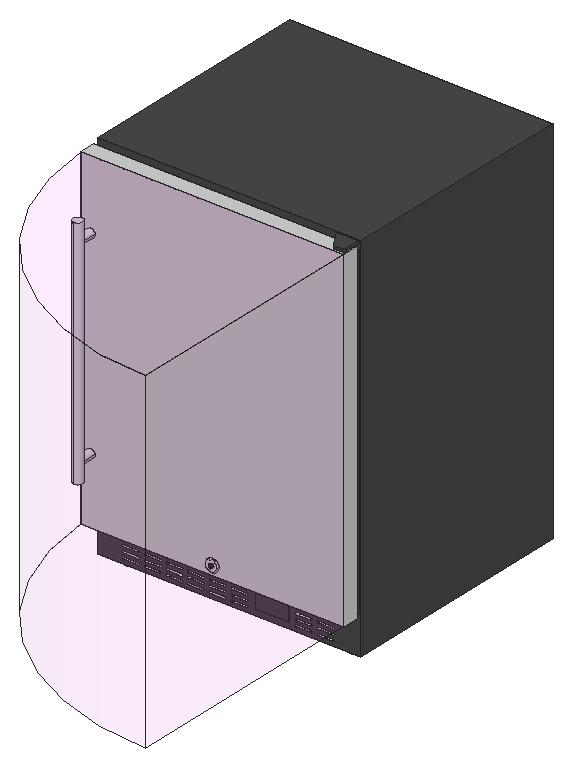
Revit family "Qf_Summit_SCR610BLSD_24 inches Wide Built-In Beverage Center", category Specialty Equipment, Revit 2020
Family settings
  Round Connector Dimension = Use Diameter
  Part Type = Normal
  Work Plane-Based = No
  Always vertical = Yes
  Cut with Voids When Loaded = No
  Shared = No
  Room Calculation Point = No
Parameters
  Weight in Pounds = 100
  Watts = 1000 W
  Volts = 115 V
  URL Cutsheet = ""
  Specification by User = ""
  Specification by Manufacturer = ""
  Show Clearance [instance] = yes
  Serial Number = ""
  Seismic Rating = ""
  SMACNA No = ""
  Revision Code = ""
  Phase = 1
  Number of Poles = 1
  NAFEM Spec ID Number = ""
  Model = "SCR610BLSD"
  Min Ckt Ampacity = 0 A
  Max Overcurrent Protection = 0 A
  Masterspec = ""
  Manufacturer = "Summit"
  Length = 23 5/8"
  Item Number = ""
  Installed By = ""
  Identify Quantity as Lot = yes
  Height = 34 1/4"
  HP = ""
  Furnished By = ""
  Foodservice Equipment Identifier = yes
  FL Amps = 0.8 A
  Electrical Remarks = ""
  Electric Connection Type = ""
  Elec Conn RI Height = 0"
  Elec Conn Connection Height = 0"
  Description = "24\" Wide Built-In Beverage Center"
  Depth = 23 1/2"
  Default Elevation = 0"
  Cycle = 60 Hz
  Conn Plug = ""
  Conn Conduit = yes
  CSI MasterFormat = ""
  Apparent Power = if(Phase = 3, Volts * FL Amps * 1.73, Volts * FL Amps)  # 92 VA
Reference planes (in)
  plane 1: z = 0
  plane 2 "LEFT": x = 0
  plane 3 "RIGHT": x = 23.625
  plane 4 "FRONT": y = -24.25
  plane 5 "TOP": z = 34.25
  plane 6 "Center Y": x = 11.8125
  plane 7 "Center X": y = -12.5
  plane 8 "BACK": y = -0.75
  plane 9: y = -26.125
  plane 10: x = 20.625
  plane 11: y = -46.5
  plane 12: y = -22.375
  plane 13: z = 4
  plane 14: z = 0.75
  plane 15: z = 32.1125
  plane 16: z = 31.1125
  plane 17: z = 10.875
  plane 18: z = 16.875
  plane 19: z = 25.875
Forms (in)
  Extrusion 1, solid, material "QF_Metal - Stainless - Polished"
    sketch origin (22.25, -2.96287, 24.25) x (0, 1, 0) y (-1, 0, 0)
      loop
        circle (-22.72338, 21.375) r 0.43625
    from -15.876 to 5.125
  Extrusion 2, solid, material "QF_Metal - Stainless - Polished"
    sketch origin (22.25, -2.96287, 24.25) x (0, 1, 0) y (-1, 0, 0)
      loop
        line (-19.41213, 22.25) -> (-19.41213, -1.375) -> (2.21287, -1.375) -> (2.21287, 22.25) -> (-19.41213, 22.25)
    from -23.5 to 10
  Extrusion 3, solid, material "QF_Plastic - Black - Matte"
    sketch origin (22.25, -2.96287, 34.25) x (0, 1, 0) y (-1, 0, 0)
      loop
        line (-19.41213, 0.75) -> (-20.97764, -0.21339)
        arc (-20.97764, -0.21339) -> (-21.02125, -0.25887) -> (-21.03713, -0.31985) r 0.125
        line (-21.03713, -0.31985) -> (-21.03713, -1.125)
        arc (-21.03713, -1.125) -> (-21.00052, -1.21339) -> (-20.91213, -1.25) r 0.125
        line (-20.91213, -1.25) -> (-19.41213, -1.25) -> (-19.41213, 0.75)
    from -0.2625 to 0
  Extrusion 4, solid, material "QF_Plastic - Black - Matte"
    sketch origin (22.25, -2.96287, 24.25) x (0, 1, 0) y (-1, 0, 0)
      loop
        line (-19.41213, 22.125) -> (-19.78713, 22.125) -> (-19.78713, -1.25) -> (-19.41213, -1.25) -> (-19.41213, 22.125)
    from -20.04295 to 9.25
  Extrusion 5, solid, material "QF_Metal - Stainless - Polished"
    sketch origin (23.88, 0, 0) x (0, 1, 0) y (0, 0, 1)
      loop
        line (-21.13237, 32.1125) -> (-21.13237, 31.1125) -> (-1.75, 31.1125) -> (-1.75, 32.1125) -> (-21.13237, 32.1125)
    from -2.38 to -21.755
  Extrusion 6, void
    sketch origin (23.88, -21.13237, 31.8625) x (0, 0, -1) y (-1, 0, 0)
      loop
        arc (-0.125, 18.4425) -> (0, 18.3175) -> (0.125, 18.4425) r 0.125
        line (0.125, 18.4425) -> (0.125, 19.6925)
        arc (0.125, 19.6925) -> (0, 19.8175) -> (-0.125, 19.6925) r 0.125
        line (-0.125, 19.6925) -> (-0.125, 18.4425)
      loop
        arc (0.375, 18.4425) -> (0.5, 18.3175) -> (0.625, 18.4425) r 0.125
        line (0.625, 18.4425) -> (0.625, 19.6925)
        arc (0.625, 19.6925) -> (0.5, 19.8175) -> (0.375, 19.6925) r 0.125
        line (0.375, 19.6925) -> (0.375, 18.4425)
      loop
        arc (-0.125, 16.4425) -> (0, 16.3175) -> (0.125, 16.4425) r 0.125
        line (0.125, 16.4425) -> (0.125, 17.6925)
        arc (0.125, 17.6925) -> (0, 17.8175) -> (-0.125, 17.6925) r 0.125
        line (-0.125, 17.6925) -> (-0.125, 16.4425)
      loop
        arc (0.375, 16.4425) -> (0.5, 16.3175) -> (0.625, 16.4425) r 0.125
        line (0.625, 16.4425) -> (0.625, 17.6925)
        arc (0.625, 17.6925) -> (0.5, 17.8175) -> (0.375, 17.6925) r 0.125
        line (0.375, 17.6925) -> (0.375, 16.4425)
      loop
        arc (-0.125, 14.4425) -> (0, 14.3175) -> (0.125, 14.4425) r 0.125
        line (0.125, 14.4425) -> (0.125, 15.6925)
        arc (0.125, 15.6925) -> (0, 15.8175) -> (-0.125, 15.6925) r 0.125
        line (-0.125, 15.6925) -> (-0.125, 14.4425)
      loop
        arc (0.375, 14.4425) -> (0.5, 14.3175) -> (0.625, 14.4425) r 0.125
        line (0.625, 14.4425) -> (0.625, 15.6925)
        arc (0.625, 15.6925) -> (0.5, 15.8175) -> (0.375, 15.6925) r 0.125
        line (0.375, 15.6925) -> (0.375, 14.4425)
      loop
        arc (-0.125, 12.4425) -> (0, 12.3175) -> (0.125, 12.4425) r 0.125
        line (0.125, 12.4425) -> (0.125, 13.6925)
        arc (0.125, 13.6925) -> (0, 13.8175) -> (-0.125, 13.6925) r 0.125
        line (-0.125, 13.6925) -> (-0.125, 12.4425)
      loop
        arc (0.375, 12.4425) -> (0.5, 12.3175) -> (0.625, 12.4425) r 0.125
        line (0.625, 12.4425) -> (0.625, 13.6925)
        arc (0.625, 13.6925) -> (0.5, 13.8175) -> (0.375, 13.6925) r 0.125
        line (0.375, 13.6925) -> (0.375, 12.4425)
      loop
        arc (-0.125, 10.4425) -> (0, 10.3175) -> (0.125, 10.4425) r 0.125
        line (0.125, 10.4425) -> (0.125, 11.6925)
        arc (0.125, 11.6925) -> (0, 11.8175) -> (-0.125, 11.6925) r 0.125
        line (-0.125, 11.6925) -> (-0.125, 10.4425)
      loop
        arc (0.375, 10.4425) -> (0.5, 10.3175) -> (0.625, 10.4425) r 0.125
        line (0.625, 10.4425) -> (0.625, 11.6925)
        arc (0.625, 11.6925) -> (0.5, 11.8175) -> (0.375, 11.6925) r 0.125
        line (0.375, 11.6925) -> (0.375, 10.4425)
      loop
        arc (-0.125, 8.4425) -> (0, 8.3175) -> (0.125, 8.4425) r 0.125
        line (0.125, 8.4425) -> (0.125, 9.6925)
        arc (0.125, 9.6925) -> (0, 9.8175) -> (-0.125, 9.6925) r 0.125
        line (-0.125, 9.6925) -> (-0.125, 8.4425)
      loop
        arc (0.375, 8.4425) -> (0.5, 8.3175) -> (0.625, 8.4425) r 0.125
        line (0.625, 8.4425) -> (0.625, 9.6925)
        arc (0.625, 9.6925) -> (0.5, 9.8175) -> (0.375, 9.6925) r 0.125
        line (0.375, 9.6925) -> (0.375, 8.4425)
      loop
        arc (-0.125, 6.4425) -> (0, 6.3175) -> (0.125, 6.4425) r 0.125
        line (0.125, 6.4425) -> (0.125, 7.6925)
        arc (0.125, 7.6925) -> (0, 7.8175) -> (-0.125, 7.6925) r 0.125
        line (-0.125, 7.6925) -> (-0.125, 6.4425)
      loop
        arc (0.375, 6.4425) -> (0.5, 6.3175) -> (0.625, 6.4425) r 0.125
        line (0.625, 6.4425) -> (0.625, 7.6925)
        arc (0.625, 7.6925) -> (0.5, 7.8175) -> (0.375, 7.6925) r 0.125
        line (0.375, 7.6925) -> (0.375, 6.4425)
      loop
        arc (-0.125, 4.4425) -> (0, 4.3175) -> (0.125, 4.4425) r 0.125
        line (0.125, 4.4425) -> (0.125, 5.6925)
        arc (0.125, 5.6925) -> (0, 5.8175) -> (-0.125, 5.6925) r 0.125
        line (-0.125, 5.6925) -> (-0.125, 4.4425)
      loop
        arc (0.375, 4.4425) -> (0.5, 4.3175) -> (0.625, 4.4425) r 0.125
        line (0.625, 4.4425) -> (0.625, 5.6925)
        arc (0.625, 5.6925) -> (0.5, 5.8175) -> (0.375, 5.6925) r 0.125
        line (0.375, 5.6925) -> (0.375, 4.4425)
    from 0 to 0.27623
  Extrusion 7, solid, material "QF_Metal - Stainless - Polished"
    sketch origin (-0.0625, -17.78026, 32) x (1, 0, 0) y (0, 0, 1)
      loop
        circle (0.9375, -4.2495) r 0.37278
      loop
        circle (0.9375, -22) r 0.37278
    from 6.46974 to 7.90599
  Revolve 8, solid, material "QF_Plastic - Black - Matte"
    sketch origin (0, -20.78026, 32) x (1, 0, 0) y (0, 0, 1)
      loop
        line (1.75, -31.25) -> (1.75, -32) -> (2.27014, -32)
        arc (2.27014, -32) -> (2.30246, -31.98815) -> (2.31946, -31.95822) r 0.05
        line (2.31946, -31.95822) -> (2.3653, -31.68322)
        arc (2.3653, -31.68322) -> (2.35413, -31.64268) -> (2.31598, -31.625) r 0.05
        line (2.31598, -31.625) -> (2.03004, -31.625) -> (2.0747, -31.595) -> (2.0747, -31.405) -> (2.02274, -31.375) -> (1.9375, -31.375) -> (1.9375, -31.25) -> (1.75, -31.25)
      axis (1.75, -32) -> (1.75, -31.25)
    angle from 0 to 360
  Revolve 9, solid, material "QF_Plastic - Black - Matte"
    sketch origin (23.625, -20.78026, 32) x (-1, 0, 0) y (0, 0, -1)
      loop
        line (1.75, 31.25) -> (1.9375, 31.25) -> (1.9375, 31.375) -> (2.02274, 31.375) -> (2.0747, 31.405) -> (2.0747, 31.595) -> (2.03004, 31.625) -> (2.31598, 31.625)
        arc (2.31598, 31.625) -> (2.35413, 31.64268) -> (2.3653, 31.68322) r 0.05
        line (2.3653, 31.68322) -> (2.31946, 31.95822)
        arc (2.31946, 31.95822) -> (2.30246, 31.98815) -> (2.27014, 32) r 0.05
        line (2.27014, 32) -> (1.75, 32) -> (1.75, 31.25)
      axis (1.75, 32) -> (1.75, 31.25)
    angle from 0 to 360
  Revolve 10, solid, material "QF_Plastic - Black - Matte"
    sketch origin (0, -2.28026, 32) x (1, 0, 0) y (0, 0, 1)
      loop
        line (1.75, -31.25) -> (1.75, -32) -> (2.27014, -32)
        arc (2.27014, -32) -> (2.30246, -31.98815) -> (2.31946, -31.95822) r 0.05
        line (2.31946, -31.95822) -> (2.3653, -31.68322)
        arc (2.3653, -31.68322) -> (2.35413, -31.64268) -> (2.31598, -31.625) r 0.05
        line (2.31598, -31.625) -> (2.03004, -31.625) -> (2.0747, -31.595) -> (2.0747, -31.405) -> (2.02274, -31.375) -> (1.9375, -31.375) -> (1.9375, -31.25) -> (1.75, -31.25)
      axis (1.75, -32) -> (1.75, -31.25)
    angle from 0 to 360
  Revolve 11, solid, material "QF_Plastic - Black - Matte"
    sketch origin (23.625, -2.28026, 32) x (-1, 0, 0) y (0, 0, -1)
      loop
        line (1.75, 31.25) -> (1.9375, 31.25) -> (1.9375, 31.375) -> (2.02274, 31.375) -> (2.0747, 31.405) -> (2.0747, 31.595) -> (2.03004, 31.625) -> (2.31598, 31.625)
        arc (2.31598, 31.625) -> (2.35413, 31.64268) -> (2.3653, 31.68322) r 0.05
        line (2.3653, 31.68322) -> (2.31946, 31.95822)
        arc (2.31946, 31.95822) -> (2.30246, 31.98815) -> (2.27014, 32) r 0.05
        line (2.27014, 32) -> (1.75, 32) -> (1.75, 31.25)
      axis (1.75, 32) -> (1.75, 31.25)
    angle from 0 to 360
  Extrusion 12, void
    sketch origin (23.625, -22.375, 24.25) x (1, 0, 0) y (0, 0, -1)
      loop
        line (-21.19547, 20.875) -> (-19.94547, 20.875)
        arc (-19.94547, 20.875) -> (-19.82047, 21) -> (-19.94547, 21.125) r 0.125
        line (-19.94547, 21.125) -> (-21.19547, 21.125)
        arc (-21.19547, 21.125) -> (-21.32047, 21) -> (-21.19547, 20.875) r 0.125
      loop
        line (-21.19547, 21.375) -> (-19.94547, 21.375)
        arc (-19.94547, 21.375) -> (-19.82047, 21.5) -> (-19.94547, 21.625) r 0.125
        line (-19.94547, 21.625) -> (-21.19547, 21.625)
        arc (-21.19547, 21.625) -> (-21.32047, 21.5) -> (-21.19547, 21.375) r 0.125
      loop
        line (-21.19547, 21.875) -> (-19.94547, 21.875)
        arc (-19.94547, 21.875) -> (-19.82047, 22) -> (-19.94547, 22.125) r 0.125
        line (-19.94547, 22.125) -> (-21.19547, 22.125)
        arc (-21.19547, 22.125) -> (-21.32047, 22) -> (-21.19547, 21.875) r 0.125
      loop
        line (-21.19547, 22.875) -> (-19.94547, 22.875)
        arc (-19.94547, 22.875) -> (-19.82047, 23) -> (-19.94547, 23.125) r 0.125
        line (-19.94547, 23.125) -> (-21.19547, 23.125)
        arc (-21.19547, 23.125) -> (-21.32047, 23) -> (-21.19547, 22.875) r 0.125
      loop
        line (-21.19547, 22.375) -> (-19.94547, 22.375)
        arc (-19.94547, 22.375) -> (-19.82047, 22.5) -> (-19.94547, 22.625) r 0.125
        line (-19.94547, 22.625) -> (-21.19547, 22.625)
        arc (-21.19547, 22.625) -> (-21.32047, 22.5) -> (-21.19547, 22.375) r 0.125
      loop
        line (-19.21694, 20.875) -> (-17.96694, 20.875)
        arc (-17.96694, 20.875) -> (-17.84194, 21) -> (-17.96694, 21.125) r 0.125
        line (-17.96694, 21.125) -> (-19.21694, 21.125)
        arc (-19.21694, 21.125) -> (-19.34194, 21) -> (-19.21694, 20.875) r 0.125
      loop
        line (-19.21694, 21.375) -> (-17.96694, 21.375)
        arc (-17.96694, 21.375) -> (-17.84194, 21.5) -> (-17.96694, 21.625) r 0.125
        line (-17.96694, 21.625) -> (-19.21694, 21.625)
        arc (-19.21694, 21.625) -> (-19.34194, 21.5) -> (-19.21694, 21.375) r 0.125
      loop
        line (-19.21694, 21.875) -> (-17.96694, 21.875)
        arc (-17.96694, 21.875) -> (-17.84194, 22) -> (-17.96694, 22.125) r 0.125
        line (-17.96694, 22.125) -> (-19.21694, 22.125)
        arc (-19.21694, 22.125) -> (-19.34194, 22) -> (-19.21694, 21.875) r 0.125
      loop
        line (-19.21694, 22.875) -> (-17.96694, 22.875)
        arc (-17.96694, 22.875) -> (-17.84194, 23) -> (-17.96694, 23.125) r 0.125
        line (-17.96694, 23.125) -> (-19.21694, 23.125)
        arc (-19.21694, 23.125) -> (-19.34194, 23) -> (-19.21694, 22.875) r 0.125
      loop
        line (-19.21694, 22.375) -> (-17.96694, 22.375)
        arc (-17.96694, 22.375) -> (-17.84194, 22.5) -> (-17.96694, 22.625) r 0.125
        line (-17.96694, 22.625) -> (-19.21694, 22.625)
        arc (-19.21694, 22.625) -> (-19.34194, 22.5) -> (-19.21694, 22.375) r 0.125
      loop
        line (-17.27944, 20.875) -> (-16.02944, 20.875)
        arc (-16.02944, 20.875) -> (-15.90444, 21) -> (-16.02944, 21.125) r 0.125
        line (-16.02944, 21.125) -> (-17.27944, 21.125)
        arc (-17.27944, 21.125) -> (-17.40444, 21) -> (-17.27944, 20.875) r 0.125
      loop
        line (-17.27944, 21.375) -> (-16.02944, 21.375)
        arc (-16.02944, 21.375) -> (-15.90444, 21.5) -> (-16.02944, 21.625) r 0.125
        line (-16.02944, 21.625) -> (-17.27944, 21.625)
        arc (-17.27944, 21.625) -> (-17.40444, 21.5) -> (-17.27944, 21.375) r 0.125
      loop
        line (-17.27944, 21.875) -> (-16.02944, 21.875)
        arc (-16.02944, 21.875) -> (-15.90444, 22) -> (-16.02944, 22.125) r 0.125
        line (-16.02944, 22.125) -> (-17.27944, 22.125)
        arc (-17.27944, 22.125) -> (-17.40444, 22) -> (-17.27944, 21.875) r 0.125
      loop
        line (-17.27944, 22.875) -> (-16.02944, 22.875)
        arc (-16.02944, 22.875) -> (-15.90444, 23) -> (-16.02944, 23.125) r 0.125
        line (-16.02944, 23.125) -> (-17.27944, 23.125)
        arc (-17.27944, 23.125) -> (-17.40444, 23) -> (-17.27944, 22.875) r 0.125
      loop
        line (-17.27944, 22.375) -> (-16.02944, 22.375)
        arc (-16.02944, 22.375) -> (-15.90444, 22.5) -> (-16.02944, 22.625) r 0.125
        line (-16.02944, 22.625) -> (-17.27944, 22.625)
        arc (-17.27944, 22.625) -> (-17.40444, 22.5) -> (-17.27944, 22.375) r 0.125
      loop
        line (-15.375, 20.875) -> (-14.125, 20.875)
        arc (-14.125, 20.875) -> (-14, 21) -> (-14.125, 21.125) r 0.125
        line (-14.125, 21.125) -> (-15.375, 21.125)
        arc (-15.375, 21.125) -> (-15.5, 21) -> (-15.375, 20.875) r 0.125
      loop
        line (-15.375, 21.375) -> (-14.125, 21.375)
        arc (-14.125, 21.375) -> (-14, 21.5) -> (-14.125, 21.625) r 0.125
        line (-14.125, 21.625) -> (-15.375, 21.625)
        arc (-15.375, 21.625) -> (-15.5, 21.5) -> (-15.375, 21.375) r 0.125
      loop
        line (-15.375, 21.875) -> (-14.125, 21.875)
        arc (-14.125, 21.875) -> (-14, 22) -> (-14.125, 22.125) r 0.125
        line (-14.125, 22.125) -> (-15.375, 22.125)
        arc (-15.375, 22.125) -> (-15.5, 22) -> (-15.375, 21.875) r 0.125
      loop
        line (-15.375, 22.875) -> (-14.125, 22.875)
        arc (-14.125, 22.875) -> (-14, 23) -> (-14.125, 23.125) r 0.125
        line (-14.125, 23.125) -> (-15.375, 23.125)
        arc (-15.375, 23.125) -> (-15.5, 23) -> (-15.375, 22.875) r 0.125
      loop
        line (-15.375, 22.375) -> (-14.125, 22.375)
        arc (-14.125, 22.375) -> (-14, 22.5) -> (-14.125, 22.625) r 0.125
        line (-14.125, 22.625) -> (-15.375, 22.625)
        arc (-15.375, 22.625) -> (-15.5, 22.5) -> (-15.375, 22.375) r 0.125
      loop
        line (-13.4375, 20.875) -> (-12.1875, 20.875)
        arc (-12.1875, 20.875) -> (-12.0625, 21) -> (-12.1875, 21.125) r 0.125
        line (-12.1875, 21.125) -> (-13.4375, 21.125)
        arc (-13.4375, 21.125) -> (-13.5625, 21) -> (-13.4375, 20.875) r 0.125
      loop
        line (-13.4375, 21.375) -> (-12.1875, 21.375)
        arc (-12.1875, 21.375) -> (-12.0625, 21.5) -> (-12.1875, 21.625) r 0.125
        line (-12.1875, 21.625) -> (-13.4375, 21.625)
        arc (-13.4375, 21.625) -> (-13.5625, 21.5) -> (-13.4375, 21.375) r 0.125
      loop
        line (-13.4375, 21.875) -> (-12.1875, 21.875)
        arc (-12.1875, 21.875) -> (-12.0625, 22) -> (-12.1875, 22.125) r 0.125
        line (-12.1875, 22.125) -> (-13.4375, 22.125)
        arc (-13.4375, 22.125) -> (-13.5625, 22) -> (-13.4375, 21.875) r 0.125
      loop
        line (-13.4375, 22.875) -> (-12.1875, 22.875)
        arc (-12.1875, 22.875) -> (-12.0625, 23) -> (-12.1875, 23.125) r 0.125
        line (-12.1875, 23.125) -> (-13.4375, 23.125)
        arc (-13.4375, 23.125) -> (-13.5625, 23) -> (-13.4375, 22.875) r 0.125
      loop
        line (-13.4375, 22.375) -> (-12.1875, 22.375)
        arc (-12.1875, 22.375) -> (-12.0625, 22.5) -> (-12.1875, 22.625) r 0.125
        line (-12.1875, 22.625) -> (-13.4375, 22.625)
        arc (-13.4375, 22.625) -> (-13.5625, 22.5) -> (-13.4375, 22.375) r 0.125
      loop
        line (-11.4375, 20.875) -> (-10.1875, 20.875)
        arc (-10.1875, 20.875) -> (-10.0625, 21) -> (-10.1875, 21.125) r 0.125
        line (-10.1875, 21.125) -> (-11.4375, 21.125)
        arc (-11.4375, 21.125) -> (-11.5625, 21) -> (-11.4375, 20.875) r 0.125
      loop
        line (-11.4375, 21.375) -> (-10.1875, 21.375)
        arc (-10.1875, 21.375) -> (-10.0625, 21.5) -> (-10.1875, 21.625) r 0.125
        line (-10.1875, 21.625) -> (-11.4375, 21.625)
        arc (-11.4375, 21.625) -> (-11.5625, 21.5) -> (-11.4375, 21.375) r 0.125
      loop
        line (-11.4375, 21.875) -> (-10.1875, 21.875)
        arc (-10.1875, 21.875) -> (-10.0625, 22) -> (-10.1875, 22.125) r 0.125
        line (-10.1875, 22.125) -> (-11.4375, 22.125)
        arc (-11.4375, 22.125) -> (-11.5625, 22) -> (-11.4375, 21.875) r 0.125
      loop
        line (-11.4375, 22.875) -> (-10.1875, 22.875)
        arc (-10.1875, 22.875) -> (-10.0625, 23) -> (-10.1875, 23.125) r 0.125
        line (-10.1875, 23.125) -> (-11.4375, 23.125)
        arc (-11.4375, 23.125) -> (-11.5625, 23) -> (-11.4375, 22.875) r 0.125
      loop
        line (-11.4375, 22.375) -> (-10.1875, 22.375)
        arc (-10.1875, 22.375) -> (-10.0625, 22.5) -> (-10.1875, 22.625) r 0.125
        line (-10.1875, 22.625) -> (-11.4375, 22.625)
        arc (-11.4375, 22.625) -> (-11.5625, 22.5) -> (-11.4375, 22.375) r 0.125
      loop
        line (-5.65806, 20.875) -> (-4.40806, 20.875)
        arc (-4.40806, 20.875) -> (-4.28306, 21) -> (-4.40806, 21.125) r 0.125
        line (-4.40806, 21.125) -> (-5.65806, 21.125)
        arc (-5.65806, 21.125) -> (-5.78306, 21) -> (-5.65806, 20.875) r 0.125
      loop
        line (-5.65806, 21.375) -> (-4.40806, 21.375)
        arc (-4.40806, 21.375) -> (-4.28306, 21.5) -> (-4.40806, 21.625) r 0.125
        line (-4.40806, 21.625) -> (-5.65806, 21.625)
        arc (-5.65806, 21.625) -> (-5.78306, 21.5) -> (-5.65806, 21.375) r 0.125
      loop
        line (-5.65806, 21.875) -> (-4.40806, 21.875)
        arc (-4.40806, 21.875) -> (-4.28306, 22) -> (-4.40806, 22.125) r 0.125
        line (-4.40806, 22.125) -> (-5.65806, 22.125)
        arc (-5.65806, 22.125) -> (-5.78306, 22) -> (-5.65806, 21.875) r 0.125
      loop
        line (-5.65806, 22.875) -> (-4.40806, 22.875)
        arc (-4.40806, 22.875) -> (-4.28306, 23) -> (-4.40806, 23.125) r 0.125
        line (-4.40806, 23.125) -> (-5.65806, 23.125)
        arc (-5.65806, 23.125) -> (-5.78306, 23) -> (-5.65806, 22.875) r 0.125
      loop
        line (-5.65806, 22.375) -> (-4.40806, 22.375)
        arc (-4.40806, 22.375) -> (-4.28306, 22.5) -> (-4.40806, 22.625) r 0.125
        line (-4.40806, 22.625) -> (-5.65806, 22.625)
        arc (-5.65806, 22.625) -> (-5.78306, 22.5) -> (-5.65806, 22.375) r 0.125
      loop
        line (-3.67953, 20.875) -> (-2.42953, 20.875)
        arc (-2.42953, 20.875) -> (-2.30453, 21) -> (-2.42953, 21.125) r 0.125
        line (-2.42953, 21.125) -> (-3.67953, 21.125)
        arc (-3.67953, 21.125) -> (-3.80453, 21) -> (-3.67953, 20.875) r 0.125
      loop
        line (-3.67953, 21.375) -> (-2.42953, 21.375)
        arc (-2.42953, 21.375) -> (-2.30453, 21.5) -> (-2.42953, 21.625) r 0.125
        line (-2.42953, 21.625) -> (-3.67953, 21.625)
        arc (-3.67953, 21.625) -> (-3.80453, 21.5) -> (-3.67953, 21.375) r 0.125
      loop
        line (-3.67953, 21.875) -> (-2.42953, 21.875)
        arc (-2.42953, 21.875) -> (-2.30453, 22) -> (-2.42953, 22.125) r 0.125
        line (-2.42953, 22.125) -> (-3.67953, 22.125)
        arc (-3.67953, 22.125) -> (-3.80453, 22) -> (-3.67953, 21.875) r 0.125
      loop
        line (-3.67953, 22.875) -> (-2.42953, 22.875)
        arc (-2.42953, 22.875) -> (-2.30453, 23) -> (-2.42953, 23.125) r 0.125
        line (-2.42953, 23.125) -> (-3.67953, 23.125)
        arc (-3.67953, 23.125) -> (-3.80453, 23) -> (-3.67953, 22.875) r 0.125
      loop
        line (-3.67953, 22.375) -> (-2.42953, 22.375)
        arc (-2.42953, 22.375) -> (-2.30453, 22.5) -> (-2.42953, 22.625) r 0.125
        line (-2.42953, 22.625) -> (-3.67953, 22.625)
        arc (-3.67953, 22.625) -> (-3.80453, 22.5) -> (-3.67953, 22.375) r 0.125
    from 0 to 0.332
  Extrusion 13, solid, material "QF_Plastic - Black - Matte"
    sketch origin (23.625, -22.375, 24.25) x (-1, 0, 0) y (0, 0, -1)
      loop
        line (9.4107, 21.37904) -> (9.4107, 22.87904) -> (6.4107, 22.87904) -> (6.4107, 21.37904) -> (9.4107, 21.37904)
    from 0 to 0.03125
  Extrusion 14, solid, material "QF_Plastic - Black - Matte"
    sketch origin (0, -0.75, 24.25) x (1, 0, 0) y (0, 0, -1)
      loop
        circle (20.625, 22.5) r 0.25
    from 0 to 0.10115
  Blend 15, solid, material "QF_Metal - Stainless - Polished"
    base sketch origin (0, -17.96776, 32) x (1, 0, 0) y (0, 0, 1)
      loop
        circle (11.8125, -27.16995) r 0.5625
    top sketch origin (0, -17.96776, 32) x (1, 0, 0) y (0, 0, 1)
      loop
        circle (11.8125, -27.16995) r 0.5
    from 6.28224 to 6.39691
  Extrusion 16, void
    sketch origin (0, -24.36467, 32) x (-1, 0, 0) y (0, 0, 1)
      loop
        circle (-11.8125, -27.16995) r 0.1875
      loop
        spline (-11.8125, -27.29219) -> (-11.804, -27.28803) -> (-11.79608, -27.27582) -> (-11.78928, -27.25639) -> (-11.78406, -27.23107) -> (-11.78078, -27.20159) -> (-11.77966, -27.16995) -> (-11.78078, -27.13831) -> (-11.78406, -27.10883) -> (-11.78928, -27.08351) -> (-11.79608, -27.06409) -> (-11.804, -27.05187) -> (-11.8125, -27.04771)
        spline (-11.8125, -27.04771) -> (-11.821, -27.05187) -> (-11.82892, -27.06409) -> (-11.83572, -27.08351) -> (-11.84094, -27.10883) -> (-11.84422, -27.13831) -> (-11.84534, -27.16995) -> (-11.84422, -27.20159) -> (-11.84094, -27.23107) -> (-11.83572, -27.25639) -> (-11.82892, -27.27582) -> (-11.821, -27.28803) -> (-11.8125, -27.29219)
      loop
        circle (-11.8125, -27.16995) r 0.21843
    from 0 to 0.1875
  Extrusion 17, solid, material "QF_Clearances_Door_Drawer"
    sketch origin (22.25, -2.96287, 24.25) x (0, 1, 0) y (-1, 0, 0)
      loop
        arc (-21.28713, 22.20995) -> (-37.09679, 14.83697) -> (-43.53713, -1.375) r 23.625
        line (-43.53713, -1.375) -> (-21.28713, -1.375) -> (-21.28713, 22.20995)
    from -20.25 to 9.7375
  Extrusion 18, solid, material "QF_Metal - Stainless - Polished"
    sketch origin (22.25, -42.53713, 24.25) x (0, -1, 0) y (1, 0, 0)
      loop
        line (-18.28713, -22.25) -> (-18.28713, 1.375) -> (-19.78713, 1.375) -> (-19.78713, -22.25) -> (-18.28713, -22.25)
    from -20.25 to 9.7375
Cuts and joins
  Extrusion 16 cuts Extrusion 1
  Extrusion 16 cuts Extrusion 7
  joined: Extrusion 1, Extrusion 7
  Extrusion 16 cuts Extrusion 4
  Extrusion 12, Extrusion 16 cuts Extrusion 2
  Extrusion 6, Extrusion 12, Extrusion 16 cuts Extrusion 5
  joined: Extrusion 2, Extrusion 5
  Extrusion 16 cuts Blend 15
Lines and regions (in)
  symbolic lines, style "SpecialityEquipment"
    curve 1: arc (0.875, -26.1225, 24.25) -> (1.31125, -25.68625, 24.25) -> (0.875, -25.25, 24.25) r 0.43625
    curve 2: arc (0.875, -25.25, 24.25) -> (0.43875, -25.68625, 24.25) -> (0.875, -26.1225, 24.25) r 0.43625
    curve 3: line (0.50191, -24.25, 24.25) -> (0.50191, -25.46016, 24.25)
    curve 4: line (1.24809, -24.25, 24.25) -> (1.24809, -25.46016, 24.25)
    curve 5: line (0, -24.25, 24.25) -> (0.1875, -24.25, 24.25)
    curve 6: line (23.625, -24.25, 24.25) -> (0, -24.25, 24.25)
    curve 7: line (23.625, -22.75, 24.25) -> (23.5, -22.75, 24.25)
    curve 8: line (0, -22.75, 24.25) -> (0, -24.25, 24.25)
    curve 9: line (21.5, -22.375, 24.25) -> (22.46339, -23.94051, 24.25)
    curve 10: arc (22.46339, -23.94051, 24.25) -> (22.50887, -23.98412, 24.25) -> (22.56985, -24, 24.25) r 0.125
    curve 11: line (22.56985, -24, 24.25) -> (23.375, -24, 24.25)
    curve 12: arc (23.375, -24, 24.25) -> (23.46339, -23.96339, 24.25) -> (23.5, -23.875, 24.25) r 0.125
    curve 13: line (23.5, -23.875, 24.25) -> (23.5, -22.375, 24.25)
    curve 14: line (23.625, -24.25, 24.25) -> (23.625, -22.75, 24.25)
    curve 15: line (21.73077, -22.75, 24.25) -> (0, -22.75, 24.25)
    curve 16: line (23.625, -22.375, 24.25) -> (23.625, -0.75, 24.25)
    curve 17: line (23.625, -0.75, 24.25) -> (0, -0.75, 24.25)
    curve 18: line (0, -0.75, 24.25) -> (0, -22.375, 24.25)
    curve 19: line (0, -22.375, 24.25) -> (23.625, -22.375, 24.25)
  symbolic lines, style "QF_Clearances_Door_Drawer"
    curve 20: arc (0.04005, -24.25, 24.25) -> (1.17071, -30.21977, 24.25) -> (3.78655, -35.70374, 24.25) r 23.625
    curve 21: line (3.78655, -35.70374, 24.25) -> (23.625, -24.25, 24.25)
    curve 22: line (0.125, -22.375, 24.25) -> (0.125, -22.75, 24.25)
Dimensions and locks (in)
  equal spacing: plane 2 "LEFT", plane 6 "Center Y", plane 3 "RIGHT"
  "Length": plane 2 "LEFT" to plane 3 "RIGHT"
  equal spacing: plane 4 "FRONT", plane 7 "Center X", plane 8 "BACK"
  "Height": plane 5 "TOP" to level
  plane 3 "RIGHT" to plane 2 "LEFT" = 23 5/8"
  plane 5 "TOP" to level = 34 1/4"  (x2)
  "Depth": plane 4 "FRONT" to plane 8 "BACK"
  locked: plane 4 "FRONT" to plane 9 at 1.875
  plane 11 to plane 8 "BACK" = 45 3/4"
  locked: plane 10 to plane 3 "RIGHT" at 3
  plane 12 to plane 8 "BACK" = 21 5/8"
  plane 13 to plane 14 = 3 1/4"
  plane 15 to plane 16 = 1"
  aligned and locked: level to plane 1
  aligned and locked: plane 5 "TOP" to Extrusion 2
  aligned and locked: plane 14 to cut or joined group of Extrusion 2, Extrusion 5, Extrusion 6, Extrusion 12, Extrusion 16
  aligned and locked: plane 4 "FRONT" to Extrusion 18
  aligned and locked: plane 13 to Extrusion 18
  aligned and locked: Extrusion 7 to plane 4 "FRONT"
  aligned and locked: Extrusion 18 to plane 2 "LEFT"
  aligned and locked: Extrusion 18 to plane 3 "RIGHT"
  aligned and locked: curve 6 to plane 4 "FRONT"
Automatic sketch dimensions
  plane 9 to Extrusion 1 sketch curve = 0.43875"
  plane 2 "LEFT" to Extrusion 1 sketch curve = 7/8"
  Extrusion 2 sketch curve to plane 2 "LEFT" = 0"
  plane 12 to Extrusion 2 sketch curve = 0"
  Extrusion 2 sketch curve to plane 3 "RIGHT" = 0"
  plane 8 "BACK" to Extrusion 2 sketch curve = 0"
  Extrusion 2 to Extrusion 3 sketch curve = 0"
  Extrusion 3 sketch curve to Extrusion 2 = 1/8"
  Extrusion 3 sketch curve to Extrusion 3 sketch curve = 1 1/2"
  Extrusion 3 sketch curve to Extrusion 3 sketch curve = 0"
  Extrusion 3 sketch curve to Extrusion 3 sketch curve = 0.06551"
  Extrusion 3 sketch curve to Extrusion 3 sketch curve = 1/8"
  Extrusion 3 sketch curve to Extrusion 3 sketch curve = 0.80515"
  Extrusion 3 sketch curve to Extrusion 3 sketch curve = 0.96339"
  plane 12 to Extrusion 4 sketch curve = 0"
  plane 3 "RIGHT" to Extrusion 4 sketch curve = 1/8"
  Extrusion 4 sketch curve to Extrusion 4 sketch curve = 3/8"
  plane 2 "LEFT" to Extrusion 4 sketch curve = 1/8"
  plane 16 to Extrusion 5 sketch curve = 0"
  plane 15 to Extrusion 5 sketch curve = 0"
  Extrusion 5 sketch curve to plane 12 = 1.24263"
  plane 8 "BACK" to Extrusion 5 sketch curve = 1"
  Extrusion 6 sketch curve to Extrusion 5 = 1/8"  (x8)
  Extrusion 6 sketch curve to Extrusion 6 sketch curve = 1/8"  (x16)
  Extrusion 6 sketch curve to Extrusion 6 sketch curve = 1/4"  (x8)
  Extrusion 6 sketch curve to Extrusion 5 = 2 1/16"
  Extrusion 6 sketch curve to Extrusion 6 sketch curve = 0"  (x16)
  Extrusion 6 sketch curve to Extrusion 6 sketch curve = 1 1/4"  (x8)
  Extrusion 6 sketch curve to Extrusion 6 sketch curve = 3/4"  (x7)
  plane 2 "LEFT" to Extrusion 7 sketch curve = 7/8"  (x2)
  plane 17 to Extrusion 7 sketch curve = 7/8"
  Extrusion 7 sketch curve to plane 19 = 1.8755"
  Revolve 8 sketch curve to plane 14 = 0"  (x2)
  Revolve 8 sketch curve to level = 0"
  plane 2 "LEFT" to Revolve 8 sketch curve = 1 3/4"
  Revolve 8 sketch curve to Revolve 8 sketch curve = 3/16"
  plane 14 to Revolve 8 sketch curve = 1/8"
  Revolve 8 sketch curve to Revolve 8 sketch curve = 0.08524"
  level to Revolve 8 sketch curve = 3/8"
  Revolve 8 sketch curve to Revolve 8 sketch curve = 0.00731"
  Revolve 8 sketch curve to Revolve 8 sketch curve = 0.05196"
  Revolve 8 sketch curve to Revolve 8 sketch curve = 0.2401"
  Revolve 8 sketch curve to Revolve 8 sketch curve = 0.24128"
  level to Revolve 8 sketch curve = 0.04178"
  Revolve 8 sketch curve to Revolve 8 sketch curve = 0.04932"  (x2)
  level to Revolve 8 sketch curve = 0.31678"
  Revolve 8 sketch curve to Revolve 8 sketch curve = 0.03"  (x2)
  Revolve 8 sketch curve to Revolve 8 sketch curve = 0"
  Revolve 8 sketch curve to Revolve 8 sketch curve = 0.0919"
  Revolve 9 sketch curve to plane 14 = 0"  (x2)
  Revolve 9 sketch curve to level = 0"
  plane 10 to Revolve 9 sketch curve = 1 1/4"
  Revolve 9 sketch curve to Revolve 9 sketch curve = 3/16"
  plane 14 to Revolve 9 sketch curve = 1/8"
  Revolve 9 sketch curve to Revolve 9 sketch curve = 0.08524"
  level to Revolve 9 sketch curve = 3/8"
  Revolve 9 sketch curve to Revolve 9 sketch curve = 0.00731"
  Revolve 9 sketch curve to Revolve 9 sketch curve = 0.05196"
  Revolve 9 sketch curve to Revolve 9 sketch curve = 0.2401"
  Revolve 9 sketch curve to Revolve 9 sketch curve = 0.24128"
  level to Revolve 9 sketch curve = 0.04178"
  Revolve 9 sketch curve to Revolve 9 sketch curve = 0.04932"  (x2)
  level to Revolve 9 sketch curve = 0.31678"
  Revolve 9 sketch curve to Revolve 9 sketch curve = 0.03"  (x2)
  Revolve 9 sketch curve to Revolve 9 sketch curve = 0"
  Revolve 9 sketch curve to Revolve 9 sketch curve = 0.0919"
  Revolve 10 sketch curve to plane 14 = 0"  (x2)
  Revolve 10 sketch curve to level = 0"
  plane 2 "LEFT" to Revolve 10 sketch curve = 1 3/4"
  Revolve 10 sketch curve to Revolve 10 sketch curve = 3/16"
  plane 14 to Revolve 10 sketch curve = 1/8"
  Revolve 10 sketch curve to Revolve 10 sketch curve = 0.08524"
  level to Revolve 10 sketch curve = 3/8"
  Revolve 10 sketch curve to Revolve 10 sketch curve = 0.00731"
  Revolve 10 sketch curve to Revolve 10 sketch curve = 0.05196"
  Revolve 10 sketch curve to Revolve 10 sketch curve = 0.2401"
  Revolve 10 sketch curve to Revolve 10 sketch curve = 0.24128"
  level to Revolve 10 sketch curve = 0.04178"
  Revolve 10 sketch curve to Revolve 10 sketch curve = 0.04932"  (x2)
  level to Revolve 10 sketch curve = 0.31678"
  Revolve 10 sketch curve to Revolve 10 sketch curve = 0.03"  (x2)
  Revolve 10 sketch curve to Revolve 10 sketch curve = 0"
  Revolve 10 sketch curve to Revolve 10 sketch curve = 0.0919"
  Revolve 11 sketch curve to plane 14 = 0"  (x2)
  Revolve 11 sketch curve to level = 0"
  plane 10 to Revolve 11 sketch curve = 1 1/4"
  Revolve 11 sketch curve to Revolve 11 sketch curve = 3/16"
  plane 14 to Revolve 11 sketch curve = 1/8"
  Revolve 11 sketch curve to Revolve 11 sketch curve = 0.08524"
  level to Revolve 11 sketch curve = 3/8"
  Revolve 11 sketch curve to Revolve 11 sketch curve = 0.00731"
  Revolve 11 sketch curve to Revolve 11 sketch curve = 0.05196"
  Revolve 11 sketch curve to Revolve 11 sketch curve = 0.2401"
  Revolve 11 sketch curve to Revolve 11 sketch curve = 0.24128"
  level to Revolve 11 sketch curve = 0.04178"
  Revolve 11 sketch curve to Revolve 11 sketch curve = 0.04932"  (x2)
  level to Revolve 11 sketch curve = 0.31678"
  Revolve 11 sketch curve to Revolve 11 sketch curve = 0.03"  (x2)
  Revolve 11 sketch curve to Revolve 11 sketch curve = 0"
  Revolve 11 sketch curve to Revolve 11 sketch curve = 0.0919"
  Extrusion 12 sketch curve to Extrusion 2 = 2.42953"
  Extrusion 12 sketch curve to Extrusion 12 sketch curve = 0"  (x63)
  Extrusion 12 sketch curve to Extrusion 12 sketch curve = 1 1/4"  (x8)
  Extrusion 12 sketch curve to Extrusion 12 sketch curve = 0.72853"  (x4)
  Extrusion 12 sketch curve to Extrusion 12 sketch curve = 11/16"  (x4)
  Extrusion 12 sketch curve to Extrusion 12 sketch curve = 0.65444"  (x2)
  Extrusion 12 sketch curve to Extrusion 12 sketch curve = 3/4"  (x2)
  Extrusion 12 sketch curve to Extrusion 2 = 2 5/8"  (x3)
  Extrusion 12 sketch curve to Extrusion 12 sketch curve = 4.52944"
  Extrusion 12 sketch curve to Extrusion 12 sketch curve = 1/8"  (x40)
  Extrusion 12 sketch curve to Extrusion 12 sketch curve = 1/4"  (x32)
  Extrusion 2 to Extrusion 13 sketch curve = 2.12096"
  Extrusion 13 sketch curve to Extrusion 2 = 6.4107"
  Extrusion 2 to Extrusion 13 sketch curve = 0.62096"
  Extrusion 13 sketch curve to Extrusion 13 sketch curve = 3"
  Extrusion 2 to Extrusion 14 sketch curve = 1"
  Extrusion 2 to Extrusion 14 sketch curve = 3"
  Extrusion 16 sketch curve to Extrusion 16 sketch curve = 0"  (x2)
  Extrusion 16 sketch curve to Extrusion 16 sketch curve = 0.12224"
  Extrusion 17 sketch curve to plane 3 "RIGHT" = 0"
  plane 11 to Extrusion 17 sketch curve = 0"
  plane 4 "FRONT" to Extrusion 17 sketch curve = 0"
  plane 12 to Extrusion 17 sketch curve = 1/2"
  plane 2 "LEFT" to Extrusion 18 sketch curve = 0"
  plane 12 to Extrusion 18 sketch curve = 3/8"
  Extrusion 18 sketch curve to Extrusion 18 sketch curve = 1 1/2"
  plane 3 "RIGHT" to Extrusion 18 sketch curve = 0"
  curve 20 to plane 11 = 10.79626"
  curve 15 to plane 2 "LEFT" = 0"
  curve 14 to plane 3 "RIGHT" = 0"
  plane 12 to curve 9 = 0"
  curve 17 to plane 2 "LEFT" = 0"
  plane 8 "BACK" to curve 17 = 0"
  curve 16 to plane 3 "RIGHT" = 0"
  plane 9 to curve 1 = 0.43875"
  curve 11 to plane 4 "FRONT" = 1/4"
  curve 10 to curve 9 = 0.05949"
  curve 12 to curve 13 = 1/8"
  curve 10 to curve 10 = 1/8"
  curve 20 to curve 16 = 1/2"
  curve 15 to curve 18 = 3/8"
  curve 20 to curve 14 = 1/8"
  plane 3 "RIGHT" to curve 13 = 1/8"
  curve 12 to curve 10 = 0.80515"
  plane 2 "LEFT" to curve 2 = 7/8"
  plane 9 to curve 2 = 0.0025"
  curve 3 to curve 1 = 0.21016"
  curve 4 to curve 1 = 0.21016"
  curve 10 to curve 15 = 0.73262"
  curve 5 to curve 20 = 0.14745"
  plane 2 "LEFT" to curve 22 = 1/8"
  plane 2 "LEFT" to curve 21 = 3.78655"
  curve 20 to plane 3 "RIGHT" = 0"
  radius of Extrusion 1 sketch curve = 0.43625"
  radius of Extrusion 7 sketch curve = 0.37278"  (x2)
  radius of Extrusion 14 sketch curve = 1/4"
  radius of Extrusion 16 sketch curve to Blend 15 = 5/16"
  radius of Extrusion 16 sketch curve to Blend 15 = 0.28157"
Connectors (in)
  electrical at (20.625, -0.64885, 1.75), driven by "Volts", driven by "Apparent Power"
    settings: on Extrusion 14, index 1, voltage 115 V, apparent load 92 VA, apparent load phase1 0 VA, apparent load phase2 0 VA, apparent load phase3 0 VA, power factor 1, load classification "Other", number of poles 1, system type 30, power factor state 1, is connector primary yes, connector utility no, sub classification motor no, connector description "Electrical Inlet"
